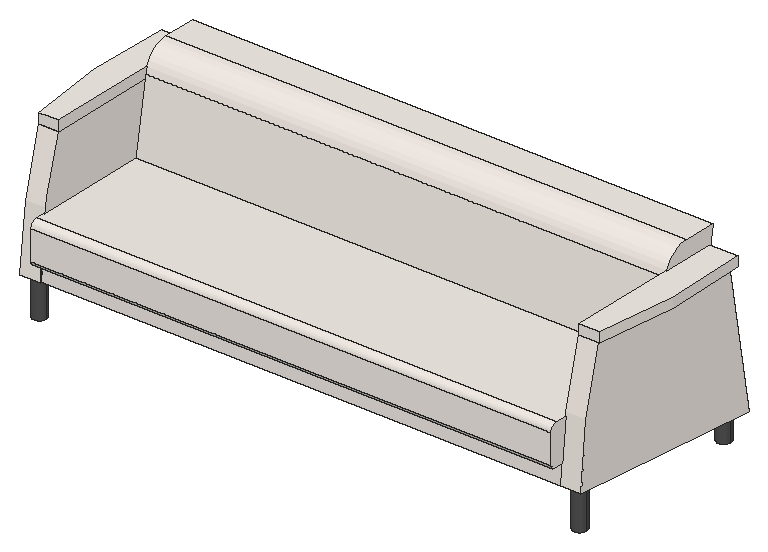
Revit family
Parameters (values of type "2134mm")
  길이 = 2134.00 mm
  소파 재료 = 직물 - 리넨, 부드러운
  프레임 재료 = 금속 - 크롬
Types (3, lengths in mm): name | 길이
  (no name) | 2134.00
  2134mm | 2134.00
  1650mm | 1650.00
Reference planes
  plane 1 "중심(앞/뒤)": y = 277.11
  plane 2: z = 0
  plane 3 "중심(왼쪽/오른쪽)": x = 278.606
  plane 4: y = 696.21
  plane 5: y = -141.99
  plane 6: x = 1345.606
  plane 7: x = -788.394
  plane 8: z = 736.6
  plane 9: z = 406.4
  plane 10: x = 1269.406
  plane 11: x = -712.194
  plane 12: x = -750.294
  plane 13: x = 1307.506
  plane 14: y = 632.71
  plane 15: y = -53.09
Forms (mm)
  Extrusion 1, solid, material "직물 - 리넨, 부드러운" <- "소파 재료"
    sketch origin (0, 0, 0) x (0, 1, 0) y (0, 0, 1)
      loop
        arc (-141.99, 240.126) -> (-137.34, 228.901) -> (-126.115, 224.251) r 15.875
        line (-126.115, 224.251) -> (667.654, 224.251) -> (609.538, 620.172) -> (626.334, 726.077) -> (502.255, 726.077)
        arc (502.255, 726.077) -> (436.948, 702.307) -> (402.199, 642.12) r 101.6
        line (402.199, 642.12) -> (355.39, 376.651) -> (-116.59, 376.651)
        arc (-116.59, 376.651) -> (-134.551, 369.212) -> (-141.99, 351.251) r 25.4
        line (-141.99, 351.251) -> (-141.99, 240.126)
    from -712.194 to 1269.406
  Extrusion 2, solid, material "직물 - 리넨, 부드러운" <- "소파 재료"
    sketch origin (1269.406, 0, 0) x (0, 1, 0) y (0, 0, 1)
      loop
        line (-97.79, 149.311) -> (701.762, 79.359) -> (608.692, 626.02) -> (-9.394, 626.02)
        arc (-9.394, 626.02) -> (-71.771, 391.036) -> (-97.79, 149.311) r 1598.542
    from 0 to 76.2
  Extrusion 3, solid, material "직물 - 리넨, 부드러운" <- "소파 재료"
    sketch origin (-712.194, 0, 0) x (0, 1, 0) y (0, 0, 1)
      loop
        line (608.692, 626.02) -> (-9.394, 626.02)
        arc (-9.394, 626.02) -> (-71.771, 391.036) -> (-97.79, 149.311) r 1598.542
        line (-97.79, 149.311) -> (701.762, 79.359) -> (608.692, 626.02)
    from 0 to -76.2
  Extrusion 4, solid, material "직물 - 리넨, 부드러운" <- "소파 재료"
    sketch origin (1269.406, 0, 0) x (0, 1, 0) y (0, 0, 1)
      loop
        line (-93.695, 224.251) -> (-93.695, 148.051) -> (668.305, 148.051) -> (668.305, 224.251) -> (-93.695, 224.251)
    from 0 to -1981.6
  Extrusion 5, solid, material "직물 - 리넨, 부드러운" <- "소파 재료"
    sketch origin (-712.194, 608.692, 626.02) x (-1, 0, 0) y (0, -1, 0)
      loop
        line (76.2, 618.086) -> (0, 618.086) -> (0, 0) -> (101.6, 0)
        arc (101.6, 0) -> (110.688, 309.938) -> (76.2, 618.086) r 2204.494
      loop
        arc (-2059.921, 618.086) -> (-2096.87, 309.988) -> (-2090.28, -0.248) r 2208.911
        line (-2090.28, -0.248) -> (-1981.6, -0.248) -> (-1981.6, 618.086) -> (-2059.921, 618.086)
    from 0 to 38.1
  Extrusion 6, solid, material "금속 - 크롬" <- "프레임 재료"
    sketch origin (0, 0, 0) x (1, 0, 0) y (0, 1, 0)
      loop
        circle (-750.294, -53.09) r 25.4
      loop
        circle (-750.294, 632.71) r 25.4
      loop
        circle (1307.506, 632.71) r 25.4
      loop
        circle (1307.506, -53.09) r 25.4
    from 0 to 148.431
Cuts and joins
  joined: Extrusion 2, Extrusion 3, Extrusion 4
Lines and regions (mm)
  Masking region 1
    outline origin (0, 0, 0) x (1, 0, 0) y (0, 1, 0)
      loop
        line (1269.406, 668.305) -> (-712.194, 668.305) -> (-712.194, 701.762) -> (-788.394, 701.762) -> (-788.394, 608.692) -> (-813.794, 608.692)
        arc (-813.794, 608.692) -> (-822.882, 298.753) -> (-788.394, -9.394) r 2204.494
        line (-788.394, -9.394) -> (-788.394, -97.79) -> (-712.194, -97.79) -> (-712.194, -141.99) -> (1269.406, -141.99) -> (1269.406, -97.79) -> (1345.606, -97.79) -> (1345.606, -20.296)
        arc (1345.606, -20.296) -> (1384.397, 293.158) -> (1378.086, 608.94) r 2208.911
        line (1378.086, 608.94) -> (1345.606, 608.94) -> (1345.606, 696.21) -> (1269.406, 696.21) -> (1269.406, 668.305)
  symbolic lines
    curve 1: line (-788.394, -9.394, 0) -> (-712.194, -9.394, 0)
    curve 2: line (-712.194, -97.79, 0) -> (-712.194, 667.654, 0)
    curve 3: line (-788.394, 608.692, 0) -> (-712.194, 608.692, 0)
    curve 4: line (1345.606, 608.692, 0) -> (1269.406, 608.692, 0)
    curve 5: line (1269.406, 667.654, 0) -> (1269.406, -97.79, 0)
    curve 6: line (1269.406, -9.394, 0) -> (1347.727, -9.394, 0)
    curve 7: line (1269.406, 609.538, 0) -> (-712.194, 609.538, 0)
    curve 8: line (1269.406, 355.39, 0) -> (-712.194, 355.39, 0)
Dimensions and locks
  equal spacing: plane 7, plane 3 "중심(왼쪽/오른쪽)", plane 6
  "길이": plane 7 to plane 6
  equal spacing: plane 5, plane 1 "중심(앞/뒤)", plane 4
  locked: plane 5 to plane 4 at 838.2
  locked: plane 14 to plane 4 at 63.5
  locked: plane 5 to plane 15 at 88.9
  locked: plane 7 to plane 11 at 76.2
  locked: plane 10 to plane 6 at 76.2
  locked: plane 7 to plane 12 at 38.1
  locked: plane 13 to plane 6 at 38.1
  aligned and locked: Extrusion 1 to plane 10
  aligned and locked: plane 11 to Extrusion 1
  aligned and locked: Extrusion 2 to plane 6
  aligned and locked: plane 7 to Extrusion 3
  aligned and locked: Extrusion 1 to Extrusion 4 sketch curve
  aligned and locked: plane 11 to Extrusion 4
  aligned and locked: Extrusion 5 sketch curve to Extrusion 5 sketch curve
  aligned and locked: Extrusion 5 sketch curve to Extrusion 3
  aligned and locked: plane 5 to Extrusion 1
  aligned and locked: Masking region 1 sketch curve to Extrusion 5
  aligned and locked: Masking region 1 sketch curve to plane 6
  aligned and locked: Extrusion 5 to Masking region 1 sketch curve
  aligned and locked: plane 7 to Masking region 1 sketch curve
  aligned and locked: Masking region 1 sketch curve to Extrusion 3
  aligned and locked: Masking region 1 sketch curve to plane 11
  aligned: curve 8 to Extrusion 1
Automatic sketch dimensions
  Extrusion 1 sketch curve to plane 5 = 0.00 mm
  Extrusion 1 sketch curve to Extrusion 1 sketch curve = 15.875 mm
  Extrusion 1 sketch curve to Extrusion 1 sketch curve = 25.40 mm
  Extrusion 1 sketch curve to plane 1 "중심(앞/뒤)" = 78.28 mm
  Extrusion 1 sketch curve to plane 1 "중심(앞/뒤)" = 125.089 mm
  Extrusion 1 sketch curve to Extrusion 1 sketch curve = 100.056 mm
  plane 4 to Extrusion 1 sketch curve = 86.672 mm
  plane 8 to Extrusion 1 sketch curve = 10.523 mm
  plane 4 to Extrusion 1 sketch curve = 69.875 mm
  plane 4 to Extrusion 1 sketch curve = 28.556 mm
  Extrusion 1 sketch curve to Extrusion 1 sketch curve = 83.957 mm
  Extrusion 1 sketch curve to Extrusion 1 sketch curve = 105.905 mm
  plane 9 to Extrusion 1 sketch curve = 29.749 mm
  Extrusion 1 sketch curve to Extrusion 1 sketch curve = 111.125 mm
  Extrusion 2 sketch curve to plane 5 = 44.20 mm
  plane 1 "중심(앞/뒤)" to Extrusion 2 sketch curve = 286.504 mm
  plane 4 to Extrusion 2 sketch curve = 87.518 mm
  Extrusion 2 sketch curve to plane 4 = 5.552 mm
  level to Extrusion 2 sketch curve = 99.589 mm
  Extrusion 2 sketch curve to Extrusion 2 sketch curve = 798.216 mm
  level to Extrusion 2 sketch curve = 79.359 mm
  level to Extrusion 2 sketch curve = 149.311 mm
  Extrusion 3 sketch curve to plane 5 = 44.20 mm
  plane 1 "중심(앞/뒤)" to Extrusion 3 sketch curve = 286.504 mm
  plane 4 to Extrusion 3 sketch curve = 87.518 mm
  Extrusion 3 sketch curve to plane 4 = 5.552 mm
  level to Extrusion 3 sketch curve = 99.589 mm
  Extrusion 3 sketch curve to Extrusion 3 sketch curve = 798.216 mm
  level to Extrusion 3 sketch curve = 79.359 mm
  level to Extrusion 3 sketch curve = 149.311 mm
  Extrusion 4 sketch curve to plane 5 = 48.295 mm
  plane 4 to Extrusion 4 sketch curve = 27.905 mm
  Extrusion 4 sketch curve to Extrusion 4 sketch curve = 76.20 mm
  Extrusion 5 sketch curve to plane 10 = 0.00 mm
  Extrusion 5 sketch curve to plane 11 = 0.00 mm
  Extrusion 5 sketch curve to plane 6 = 2.121 mm
  Extrusion 5 sketch curve to plane 6 = 32.48 mm
  Extrusion 5 sketch curve to plane 6 = 34.147 mm
  plane 7 to Extrusion 5 sketch curve = 0.00 mm
  plane 7 to Extrusion 5 sketch curve = 25.40 mm
  plane 7 to Extrusion 5 sketch curve = 33.183 mm
  plane 4 to Extrusion 5 sketch curve = 87.518 mm
  plane 4 to Extrusion 5 sketch curve = 87.27 mm
  Extrusion 6 sketch curve to plane 14 = 0.00 mm  (x2)
  Extrusion 6 sketch curve to plane 15 = 0.00 mm  (x2)
  Extrusion 6 sketch curve to plane 12 = 0.00 mm  (x2)
  Extrusion 6 sketch curve to plane 13 = 0.00 mm  (x2)
  Extrusion 6 sketch curve to plane 7 = 12.70 mm  (x2)
  Extrusion 6 sketch curve to plane 10 = 12.70 mm  (x2)
  Masking region 1 sketch curve to plane 7 = 0.00 mm
  Masking region 1 sketch curve to plane 5 = 0.00 mm
  Masking region 1 sketch curve to plane 11 = 0.00 mm
  Masking region 1 sketch curve to plane 10 = 0.00 mm  (x2)
  Masking region 1 sketch curve to plane 4 = 0.00 mm
  Masking region 1 sketch curve to plane 6 = 0.00 mm
  plane 7 to Masking region 1 sketch curve = 25.40 mm
  plane 7 to Masking region 1 sketch curve = 33.183 mm
  Masking region 1 sketch curve to plane 6 = 32.48 mm
  Masking region 1 sketch curve to plane 6 = 34.147 mm
  Masking region 1 sketch curve to plane 5 = 44.20 mm  (x2)
  Masking region 1 sketch curve to Masking region 1 sketch curve = 77.494 mm
  Masking region 1 sketch curve to Masking region 1 sketch curve = 88.396 mm
  plane 4 to Masking region 1 sketch curve = 27.905 mm
  curve 3 to plane 7 = 0.00 mm
  curve 1 to plane 7 = 0.00 mm
  curve 4 to plane 6 = 0.00 mm
  curve 6 to plane 6 = 2.121 mm
  curve 2 to plane 5 = 44.20 mm
  curve 5 to plane 5 = 44.20 mm
  curve 5 to curve 6 = 88.396 mm
  curve 2 to curve 1 = 88.396 mm
  plane 4 to curve 4 = 87.518 mm
  plane 4 to curve 3 = 87.518 mm
  plane 4 to curve 2 = 28.556 mm
  plane 4 to curve 5 = 28.556 mm
  curve 4 to curve 7 = 0.846 mm
  curve 8 to plane 11 = 0.00 mm
  curve 8 to plane 10 = 0.00 mm
  curve 8 to plane 1 "중심(앞/뒤)" = 78.28 mm
